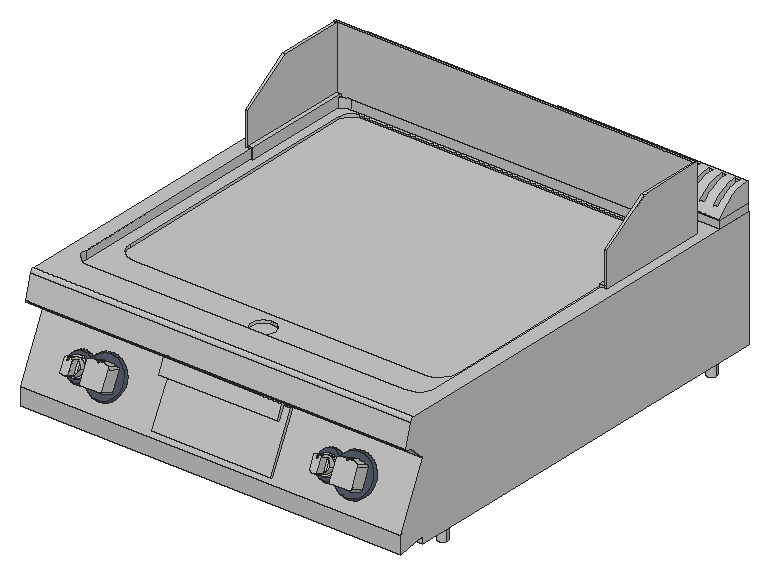
Revit family "QF_ZANUSSI_392354_Z9IILAAOMCA", category Specialty Equipment, Revit 2018
Family settings
  Round Connector Dimension = Use Diameter
  Part Type = Normal
  Work Plane-Based = No
  Always vertical = Yes
  Cut with Voids When Loaded = No
  Shared = No
  Room Calculation Point = No
Parameters
  Width = 800 mm  # constant formula
  Weight in Pounds = 105  # constant formula
  Weight = 0.00 kg
  Watts = 0 W
  Volts = 0 V
  URL Manufacturer = "http://www.zanussiprofessional.com"
  URL Cutsheet = "www.electrolux.com/foodservice"
  URL = "http://www.zanussiprofessional.com"
  Type Mark [instance] = ""
  Steam Supply Size = 0"
  Steam Supply Minimum Pressure = 0.00 psi
  Steam Supply Maximum Pressure = 0.00 psi
  Steam Pounds per Hour = 0
  Status [instance] = ""
  Specification by User [instance] = ""
  Specification by Manufacturer = ""
  Show Logo [instance] = yes
  Show Clearance [instance] = yes
  Serial Number = ""
  Seismic Rating = ""
  SMACNA No = ""
  Revision Code [instance] = ""
  Refrigeration Suction Line Size = 0"
  Refrigeration Liquid Line Size = 0"
  Refrigerant Compressor Remote = yes
  Phase = 0
  Omniclass Number and Title = ""
  NAFEM Spec ID Number = ""
  Model = "Z9FTGHHS00"
  Mechanical Remarks [instance] = ""
  Mechanical Connection Type [instance] = ""
  Masterspec = ""
  Manufacturer = "Zanussi"
  Length Actual = 800 mm  # constant formula
  Item Number [instance] = "392050"
  Installed By [instance] = ""
  Identify Quantity as Lot [instance] = yes
  Hot Water Size = 0"
  Height Actual = 250 mm  # constant formula
  Height = 410 mm  # constant formula
  HP = "0 HP"
  Gas Size = 1/2"
  Gas RI Height [instance] = 0 mm
  Gas KW [instance] = 20
  Gas Input [instance] = 0.672036 Btu/h
  Gas Connection Height = 0 mm
  Furnished By [instance] = ""
  Foodservice Equipment Identifier [instance] = yes
  Direct Waste Size = 0"
  Description = "GAS FRYTOP SMOOTH HORIZONTAL PLATE 800MM"
  Depth Actual = 900 mm  # constant formula
  Depth = 915 mm  # constant formula
  Cycle = 0 Hz
  Condensate Return Size = 0"
  Compressed Air Volume = 0 GPM
  Compressed Air Size = 0"
  Compressed Air Pressure = 0.00 psi
  Cold Water Size = 0"
  CSI MasterFormat = ""
  CSI Master Format = ""
  Base Height [instance] = 24 mm  # constant formula
  Accessory = yes
Reference planes
  plane 1 "BACK": y = 0
  plane 2: z = 0
  plane 3 "LEFT": x = 0
  plane 4 "RIGHT": x = 800
  plane 5 "FRONT": y = -915
  plane 6 "TOP": z = 410
  plane 7 "Center Y": x = 400
  plane 8 "Center X": y = -457.5
  plane 9 "BASE": z = 24
  plane 10: y = -790
  plane 11: y = -82
  plane 12: x = 348
  plane 13: y = -1045
  plane 14: z = 274
  plane 15: y = -664
  plane 16: y = -346.873
  plane 17: y = -900
  plane 18: through (-6096, -854.982, 185.364) normal (0, -0.8956, 0.4448)
Forms (mm)
  Extrusion 1, solid, material "QF_Clearances", visible <- "Show Clearance", detail levels coarse
    sketch origin (0, 0, 0) x (1, 0, 0) y (0, 1, 0)
      loop
        line (0, -915) -> (0, 0) -> (800.05, 0) -> (800.05, -915) -> (900.069, -915) -> (900.069, 100.019) -> (-100.019, 100.019) -> (-100.019, -915) -> (0, -915)
    from 0 to 410
  Extrusion 2, solid, material "QF_Finishes_Stainless Steel"
    sketch origin (0, 0, 0) x (0, 1, 0) y (0, 0, 1)
      loop
        line (0, 24) -> (0, 274) -> (-879.358, 274)
        arc (-879.358, 274) -> (-884.643, 271.811) -> (-886.833, 266.526) r 7.474
        line (-886.833, 266.526) -> (-899.884, 221.011)
        arc (-899.884, 221.011) -> (-899.396, 218.379) -> (-897, 217.184) r 3
        line (-897, 217.184) -> (-886.802, 217.184) -> (-854.982, 185.364) -> (-915, 64.508) -> (-915, 29.508) -> (-858.645, 37.428)
        arc (-858.645, 37.428) -> (-856.101, 36.674) -> (-855, 34.259) r 3.2
        line (-855, 34.259) -> (-855, 24) -> (0, 24)
    from 0 to 800
  Extrusion 3, void
    sketch origin (0, -202.381, 275.4) x (-1, 0, 0) y (0, -1, 0)
      loop
        arc (-55.4, -88.381) -> (-37.439, -80.942) -> (-30, -62.981) r 25.4
        line (-30, -62.981) -> (-30, 578.98)
        arc (-30, 578.98) -> (-40.99, 605.513) -> (-67.523, 616.504) r 37.523
        line (-67.523, 616.504) -> (-732.477, 616.504)
        arc (-732.477, 616.504) -> (-759.01, 605.513) -> (-770, 578.98) r 37.523
        line (-770, 578.98) -> (-770, -62.981)
        arc (-770, -62.981) -> (-762.561, -80.942) -> (-744.6, -88.381) r 25.4
        line (-744.6, -88.381) -> (-55.4, -88.381)
    from 0 to -20
  Extrusion 4, solid, material "QF_Finishes_Stainless Steel"
    sketch origin (0, -200, 0) x (1, 0, 0) y (0, 1, 0)
      loop
        circle (11.112, 118) r 9.525
      loop
        circle (11.112, -590) r 9.525
      loop
        circle (788.887, 118) r 9.525
      loop
        circle (788.888, -590) r 9.525
    from 0 to 24
  Extrusion 5, solid, material "QF_Finishes_Stainless Steel"
    sketch origin (0, 0, 24) x (-1, 0, 0) y (0, 1, 0)
      loop
        circle (-748, -664) r 6.4
    from 0 to 18
  Extrusion 6, solid, material "QF_Finishes_Stainless Steel"
    sketch origin (0, 0, 0) x (0, -1, 0) y (0, 0, 1)
      loop
        line (74.012, 274) -> (74.012, 289) -> (0, 289) -> (0, 274) -> (74.012, 274)
    from 0 to -400.05
  Extrusion 7, solid, material "QF_Finishes_Stainless Steel"
    sketch origin (0, 0, 0) x (0, 1, 0) y (0, 0, 1)
      loop
        line (0, 289) -> (0, 331.913)
        arc (0, 331.913) -> (-42.275, 321.697) -> (-74.012, 291.959) r 85.267
        line (-74.012, 291.959) -> (-74.012, 289) -> (0, 289)
    from 0 to 400
  Extrusion 8, void
    sketch origin (0, 0, 273.238) x (-1, 0, 0) y (0, -1, 0)
      loop
        line (-13.453, 6.761) -> (-13.453, 62.911) -> (-22.749, 62.911) -> (-22.749, 6.761) -> (-13.453, 6.761)
    from 25.4 to 63.5
  Extrusion 9, void
    sketch origin (400.05, 0, 273.238) x (1, 0, 0) y (0, 1, 0)
      loop
        line (-13.503, -6.761) -> (-22.799, -6.761) -> (-22.799, -62.911) -> (-13.503, -62.911) -> (-13.503, -6.761)
    from 25.4 to 63.5
  Extrusion 10, void
    sketch origin (27.988, 0, 273.238) x (-1, 0, 0) y (0, -1, 0)
      loop
        line (-13.453, 6.761) -> (-13.453, 62.911) -> (-22.749, 62.911) -> (-22.749, 6.761) -> (-13.453, 6.761)
    from 25.4 to 63.5
  Extrusion 11, void
    sketch origin (55.977, 0, 273.238) x (-1, 0, 0) y (0, -1, 0)
      loop
        line (-13.453, 6.761) -> (-13.453, 62.911) -> (-22.749, 62.911) -> (-22.749, 6.761) -> (-13.453, 6.761)
    from 25.4 to 63.5
  Extrusion 12, void
    sketch origin (83.965, 0, 273.238) x (-1, 0, 0) y (0, -1, 0)
      loop
        line (-13.428, 6.761) -> (-13.428, 62.911) -> (-22.724, 62.911) -> (-22.724, 6.761) -> (-13.428, 6.761)
    from 25.4 to 63.5
  Extrusion 13, void
    sketch origin (111.953, 0, 273.238) x (-1, 0, 0) y (0, -1, 0)
      loop
        line (-13.428, 6.761) -> (-13.428, 62.911) -> (-22.724, 62.911) -> (-22.724, 6.761) -> (-13.428, 6.761)
    from 25.4 to 63.5
  Extrusion 14, void
    sketch origin (139.942, 0, 273.238) x (-1, 0, 0) y (0, -1, 0)
      loop
        line (-13.428, 6.761) -> (-13.428, 62.911) -> (-22.724, 62.911) -> (-22.724, 6.761) -> (-13.428, 6.761)
    from 25.4 to 63.5
  Extrusion 15, void
    sketch origin (167.93, 0, 273.238) x (-1, 0, 0) y (0, -1, 0)
      loop
        line (-13.428, 6.761) -> (-13.428, 62.911) -> (-22.724, 62.911) -> (-22.724, 6.761) -> (-13.428, 6.761)
    from 25.4 to 63.5
  Extrusion 16, void
    sketch origin (307.872, 0, 273.238) x (-1, 0, 0) y (0, -1, 0)
      loop
        line (-13.403, 6.761) -> (-13.403, 62.911) -> (-22.699, 62.911) -> (-22.699, 6.761) -> (-13.403, 6.761)
    from 25.4 to 63.5
  Extrusion 17, void
    sketch origin (335.86, 0, 273.238) x (-1, 0, 0) y (0, -1, 0)
      loop
        line (-13.403, 6.761) -> (-13.403, 62.911) -> (-22.699, 62.911) -> (-22.699, 6.761) -> (-13.403, 6.761)
    from 25.4 to 63.5
  Extrusion 18, void
    sketch origin (228.013, 0, 273.238) x (-1, 0, 0) y (0, -1, 0)
      loop
        line (-13.428, 6.761) -> (-13.428, 62.911) -> (-22.724, 62.911) -> (-22.724, 6.761) -> (-13.428, 6.761)
    from 25.4 to 63.5
  Extrusion 19, void
    sketch origin (256.002, 0, 273.238) x (-1, 0, 0) y (0, -1, 0)
      loop
        line (-13.428, 6.761) -> (-13.428, 62.911) -> (-22.724, 62.911) -> (-22.724, 6.761) -> (-13.428, 6.761)
    from 25.4 to 63.5
  Extrusion 20, void
    sketch origin (283.99, 0, 273.238) x (-1, 0, 0) y (0, -1, 0)
      loop
        line (-13.403, 6.761) -> (-13.403, 62.911) -> (-22.699, 62.911) -> (-22.699, 6.761) -> (-13.403, 6.761)
    from 25.4 to 63.5
  Extrusion 21, void
    sketch origin (200.025, 0, 273.238) x (-1, 0, 0) y (0, -1, 0)
      loop
        line (-13.428, 6.761) -> (-13.428, 62.911) -> (-22.724, 62.911) -> (-22.724, 6.761) -> (-13.428, 6.761)
    from 25.4 to 63.5
  Extrusion 22, void
    sketch origin (0, -202.381, 255.4) x (0, -1, 0) y (-1, 0, 0)
      loop
        arc (-57.619, -55) -> (-75.579, -62.439) -> (-83.019, -80.4) r 25.4
        line (-83.019, -80.4) -> (-83.019, -719.6)
        arc (-83.019, -719.6) -> (-75.579, -737.561) -> (-57.619, -745) r 25.4
        line (-57.619, -745) -> (493.98, -745)
        arc (493.98, -745) -> (520.513, -734.01) -> (531.504, -707.477) r 37.523
        line (531.504, -707.477) -> (531.504, -92.523)
        arc (531.504, -92.523) -> (520.513, -65.99) -> (493.98, -55) r 37.523
        line (493.98, -55) -> (-57.619, -55)
      loop
        circle (572.619, -400) r 25
    from 0 to 5
  Extrusion 23, void
    sketch origin (785, 0, 275) x (0, 0, -1) y (0, -1, 0)
      loop
        line (-70, 346.873) -> (-135, 346.873) -> (-135, 246.781) -> (-70, 346.873)
    from 0 to 12.7
  Extrusion 24, void
    sketch origin (25, 0, 292.959) x (0, 0, -1) y (0, -1, 0)
      loop
        line (-52.041, 346.873) -> (-117.041, 346.873) -> (-117.041, 246.781) -> (-52.041, 346.873)
    from 0 to 12.7
  Extrusion 25, solid, material "QF_Finishes_Stainless Steel"
    sketch origin (0, -110, 275) x (0, 0, -1) y (-1, 0, 0)
      loop
        line (-135, -20) -> (-135, -780) -> (1, -780) -> (1, -20) -> (-135, -20)
    from 0 to -5
  Extrusion 26, solid, material "QF_Finishes_Stainless Steel"
    sketch origin (800, 0, 0) x (0, -1, 0) y (0, 0, -1)
      loop
        line (74.012, -274) -> (0, -274) -> (0, -289) -> (74.012, -289) -> (74.012, -274)
    from 0 to -400.05
  Extrusion 27, solid, material "QF_Finishes_Stainless Steel"
    sketch origin (800, 0, 0) x (0, 1, 0) y (0, 0, -1)
      loop
        line (0, -289) -> (-74.012, -289) -> (-74.012, -291.959)
        arc (-74.012, -291.959) -> (-42.486, -322.301) -> (0, -332.762) r 84.334
        line (0, -332.762) -> (0, -289)
    from 0 to 400
  Extrusion 28, void
    sketch origin (800, 0, 273.238) x (1, 0, 0) y (0, 1, 0)
      loop
        line (-13.453, -6.761) -> (-22.749, -6.761) -> (-22.749, -62.911) -> (-13.453, -62.911) -> (-13.453, -6.761)
    from 25.4 to 63.5
  Extrusion 29, void
    sketch origin (399.95, 0, 273.238) x (-1, 0, 0) y (0, -1, 0)
      loop
        line (-13.503, 6.761) -> (-13.503, 62.911) -> (-22.799, 62.911) -> (-22.799, 6.761) -> (-13.503, 6.761)
    from 25.4 to 63.5
  Extrusion 30, void
    sketch origin (772.012, 0, 273.238) x (1, 0, 0) y (0, 1, 0)
      loop
        line (-13.453, -6.761) -> (-22.749, -6.761) -> (-22.749, -62.911) -> (-13.453, -62.911) -> (-13.453, -6.761)
    from 25.4 to 63.5
  Extrusion 31, void
    sketch origin (744.023, 0, 273.238) x (1, 0, 0) y (0, 1, 0)
      loop
        line (-13.453, -6.761) -> (-22.749, -6.761) -> (-22.749, -62.911) -> (-13.453, -62.911) -> (-13.453, -6.761)
    from 25.4 to 63.5
  Extrusion 32, void
    sketch origin (716.035, 0, 273.238) x (1, 0, 0) y (0, 1, 0)
      loop
        line (-13.428, -6.761) -> (-22.724, -6.761) -> (-22.724, -62.911) -> (-13.428, -62.911) -> (-13.428, -6.761)
    from 25.4 to 63.5
  Extrusion 33, void
    sketch origin (688.047, 0, 273.238) x (1, 0, 0) y (0, 1, 0)
      loop
        line (-13.428, -6.761) -> (-22.724, -6.761) -> (-22.724, -62.911) -> (-13.428, -62.911) -> (-13.428, -6.761)
    from 25.4 to 63.5
  Extrusion 34, void
    sketch origin (660.058, 0, 273.238) x (1, 0, 0) y (0, 1, 0)
      loop
        line (-13.428, -6.761) -> (-22.724, -6.761) -> (-22.724, -62.911) -> (-13.428, -62.911) -> (-13.428, -6.761)
    from 25.4 to 63.5
  Extrusion 35, void
    sketch origin (632.07, 0, 273.238) x (1, 0, 0) y (0, 1, 0)
      loop
        line (-13.428, -6.761) -> (-22.724, -6.761) -> (-22.724, -62.911) -> (-13.428, -62.911) -> (-13.428, -6.761)
    from 25.4 to 63.5
  Extrusion 36, void
    sketch origin (492.128, 0, 273.238) x (1, 0, 0) y (0, 1, 0)
      loop
        line (-13.403, -6.761) -> (-22.699, -6.761) -> (-22.699, -62.911) -> (-13.403, -62.911) -> (-13.403, -6.761)
    from 25.4 to 63.5
  Extrusion 37, void
    sketch origin (464.14, 0, 273.238) x (1, 0, 0) y (0, 1, 0)
      loop
        line (-13.403, -6.761) -> (-22.699, -6.761) -> (-22.699, -62.911) -> (-13.403, -62.911) -> (-13.403, -6.761)
    from 25.4 to 63.5
  Extrusion 38, void
    sketch origin (571.987, 0, 273.238) x (1, 0, 0) y (0, 1, 0)
      loop
        line (-13.428, -6.761) -> (-22.724, -6.761) -> (-22.724, -62.911) -> (-13.428, -62.911) -> (-13.428, -6.761)
    from 25.4 to 63.5
  Extrusion 39, void
    sketch origin (543.998, 0, 273.238) x (1, 0, 0) y (0, 1, 0)
      loop
        line (-13.428, -6.761) -> (-22.724, -6.761) -> (-22.724, -62.911) -> (-13.428, -62.911) -> (-13.428, -6.761)
    from 25.4 to 63.5
  Extrusion 40, void
    sketch origin (516.01, 0, 273.238) x (1, 0, 0) y (0, 1, 0)
      loop
        line (-13.403, -6.761) -> (-22.699, -6.761) -> (-22.699, -62.911) -> (-13.403, -62.911) -> (-13.403, -6.761)
    from 25.4 to 63.5
  Extrusion 41, void
    sketch origin (599.975, 0, 273.238) x (1, 0, 0) y (0, 1, 0)
      loop
        line (-13.428, -6.761) -> (-22.724, -6.761) -> (-22.724, -62.911) -> (-13.428, -62.911) -> (-13.428, -6.761)
    from 25.4 to 63.5
  Extrusion 42, solid, material "QF_Finishes_Stainless Steel"
    sketch origin (0, 0, 274) x (0, 0, -1) y (-1, 0, 0)
      loop
        line (19.6, -30) -> (0, -30) -> (0, -20) -> (-135, -20) -> (-135, -25) -> (-5, -25) -> (-5, -35) -> (19.6, -35) -> (19.6, -30)
      loop
        line (19.6, -770) -> (19.6, -765) -> (-5, -765) -> (-5, -775) -> (-135, -775) -> (-135, -780) -> (0, -780) -> (0, -770) -> (19.6, -770)
    from -110 to -346.873
  Blend 43, solid, material "QF_Finishes_Navy Blue"
    base sketch origin (156.419, -884.991, 124.936) x (1, 0, 0) y (0, 0.444781, 0.895639)
      loop
        arc (-35.05, -24.037) -> (42.5, 0) -> (-35.05, 24.037) r 42.5
        arc (-35.05, 24.037) -> (-83, 0) -> (-35.05, -24.037) r 30
    top sketch origin (156.419, -884.991, 124.936) x (1, 0, 0) y (0, 0.444781, 0.895639)
      loop
        arc (-34.578, -21.086) -> (40.5, 0) -> (-34.578, 21.086) r 40.5
        arc (-34.578, 21.086) -> (-81, 0) -> (-34.578, -21.086) r 28
    from 0 to 5
  Extrusion 44, solid, material "QF_Finishes_Stainless Steel"
    sketch origin (-76.081, -884.991, 124.936) x (1, 0, 0) y (0, 0.444781, 0.895639)
      loop
        circle (177.499, -0.341) r 20
    from 5 to 10
  Extrusion 45, solid, material "QF_Finishes_Stainless Steel"
    sketch origin (-76.081, -884.991, 124.936) x (1, 0, 0) y (0, 0.444781, 0.895639)
      loop
        arc (211.353, 22.789) -> (210.006, 21.685) -> (209.5, 20.019) r 2.997
        line (209.5, 20.019) -> (209.5, -20.019)
        arc (209.5, -20.019) -> (210.378, -22.138) -> (212.497, -23.016) r 2.997
        line (212.497, -23.016) -> (252.503, -23.016)
        arc (252.503, -23.016) -> (254.622, -22.138) -> (255.5, -20.019) r 2.997
        line (255.5, -20.019) -> (255.5, 20.019)
        arc (255.5, 20.019) -> (254.994, 21.685) -> (253.647, 22.789) r 2.997
        arc (253.647, 22.789) -> (232.5, 26.984) -> (211.353, 22.789) r 55.4
    from 5 to 34
  Extrusion 46, solid, material "QF_Finishes_Stainless Steel"
    sketch origin (-76.081, -884.991, 124.936) x (1, 0, 0) y (0, 0.444781, 0.895639)
      loop
        circle (177.499, -0.341) r 16
    from 10 to 40
  Extrusion 47, void
    sketch origin (156.419, -884.991, 124.936) x (1, 0, 0) y (0, -0.895639, 0.444781)
      loop
        line (-62.999, 24.837) -> (-62.999, 40) -> (-71.893, 40) -> (-71.893, 22) -> (-65.835, 22)
        arc (-65.835, 22) -> (-63.827, 22.828) -> (-62.999, 24.837) r 2.827
      loop
        arc (-47.003, 24.837) -> (-46.175, 22.828) -> (-44.167, 22) r 2.827
        line (-44.167, 22) -> (-38.109, 22) -> (-38.109, 40) -> (-47.003, 40) -> (-47.003, 24.837)
    from -20.019 to 20.019
  Extrusion 48, solid, material "QF_Plastic-Black-Matte"
    sketch origin (213.919, -884.991, 124.936) x (0, 0.444781, 0.895639) y (0, -0.895639, 0.444781)
      loop
        line (26.984, 34) -> (26.984, 19) -> (27.984, 19) -> (27.984, 34)
        arc (27.984, 34) -> (27.691, 34.707) -> (26.984, 35) r 1
        line (26.984, 35) -> (23.984, 35) -> (23.984, 34) -> (26.984, 34)
    from -58.5 to -56.5
  Extrusion 49, solid, material "QF_Plastic-Black-Matte"
    sketch origin (101.418, -1018.425, -143.756) x (0, -0.444781, -0.895639) y (0, -0.895639, 0.444781)
      loop
        line (-310.284, 39.984) -> (-310.284, 40.984) -> (-312.9, 40.984)
        arc (-312.9, 40.984) -> (-315.562, 39.882) -> (-316.664, 37.22) r 3.764
        line (-316.664, 37.22) -> (-316.664, 25.027) -> (-315.664, 25.027) -> (-315.664, 37.22)
        arc (-315.664, 37.22) -> (-314.855, 39.175) -> (-312.9, 39.984) r 2.764
        line (-312.9, 39.984) -> (-310.284, 39.984)
    from 1 to -1
  Extrusion 50, solid, material "QF_Finishes_Stainless Steel"
    sketch origin (335, -214.132, -0.464) x (0, 1, 0) y (0, 0, 1)
      loop
        line (-640.85, 185.828) -> (-659.988, 204.966)
        arc (-659.988, 204.966) -> (-664.455, 206.368) -> (-668.159, 203.504) r 5.058
        line (-668.159, 203.504) -> (-680.821, 175.994) -> (-677.937, 174.666) -> (-665.275, 202.176)
        arc (-665.275, 202.176) -> (-663.896, 203.243) -> (-662.233, 202.721) r 1.883
        line (-662.233, 202.721) -> (-644.727, 185.215) -> (-698.248, 77.444) -> (-695.339, 76.105) -> (-640.85, 185.828)
    from -60 to 190
  Extrusion 51, solid, material "QF_Finishes_Drawer Clearance", visible <- "Show Clearance", detail levels coarse
    sketch origin (335, -315.732, -0.464) x (0, 1, 0) y (0, 0, 1)
      loop
        line (-726.181, 76.105) -> (-593.739, 76.105) -> (-539.25, 185.828) -> (-558.388, 204.966)
        arc (-558.388, 204.966) -> (-560.449, 206.215) -> (-562.855, 206.368) r 5.058
        line (-562.855, 206.368) -> (-695.296, 206.368)
        arc (-695.296, 206.368) -> (-697.5, 205.39) -> (-699, 203.504) r 5.058
        line (-699, 203.504) -> (-711.662, 175.994) -> (-708.778, 174.666) -> (-696.116, 202.176)
        arc (-696.116, 202.176) -> (-694.737, 203.243) -> (-693.074, 202.721) r 1.883
        line (-693.074, 202.721) -> (-675.569, 185.215) -> (-729.089, 77.444) -> (-726.181, 76.105)
    from -65 to 195
  Blend 52, solid, material "QF_Finishes_Navy Blue"
    base sketch origin (681.419, -884.991, 124.936) x (1, 0, 0) y (0, 0.444781, 0.895639)
      loop
        arc (-35.05, -24.037) -> (42.5, 0) -> (-35.05, 24.037) r 42.5
        arc (-35.05, 24.037) -> (-83, 0) -> (-35.05, -24.037) r 30
    top sketch origin (681.419, -884.991, 124.936) x (1, 0, 0) y (0, 0.444781, 0.895639)
      loop
        arc (-34.578, -21.086) -> (40.5, 0) -> (-34.578, 21.086) r 40.5
        arc (-34.578, 21.086) -> (-81, 0) -> (-34.578, -21.086) r 28
    from 0 to 5
  Extrusion 53, solid, material "QF_Finishes_Stainless Steel"
    sketch origin (448.919, -884.991, 124.936) x (1, 0, 0) y (0, 0.444781, 0.895639)
      loop
        circle (177.499, -0.341) r 20
    from 5 to 10
  Extrusion 54, solid, material "QF_Finishes_Stainless Steel"
    sketch origin (448.919, -884.991, 124.936) x (1, 0, 0) y (0, 0.444781, 0.895639)
      loop
        arc (211.353, 22.789) -> (210.006, 21.685) -> (209.5, 20.019) r 2.997
        line (209.5, 20.019) -> (209.5, -20.019)
        arc (209.5, -20.019) -> (210.378, -22.138) -> (212.497, -23.016) r 2.997
        line (212.497, -23.016) -> (252.503, -23.016)
        arc (252.503, -23.016) -> (254.622, -22.138) -> (255.5, -20.019) r 2.997
        line (255.5, -20.019) -> (255.5, 20.019)
        arc (255.5, 20.019) -> (254.994, 21.685) -> (253.647, 22.789) r 2.997
        arc (253.647, 22.789) -> (232.5, 26.984) -> (211.353, 22.789) r 55.4
    from 5 to 34
  Extrusion 55, solid, material "QF_Finishes_Stainless Steel"
    sketch origin (448.919, -884.991, 124.936) x (1, 0, 0) y (0, 0.444781, 0.895639)
      loop
        circle (177.499, -0.341) r 16
    from 10 to 40
  Extrusion 56, void
    sketch origin (681.419, -884.991, 124.936) x (1, 0, 0) y (0, -0.895639, 0.444781)
      loop
        line (-62.999, 24.837) -> (-62.999, 40) -> (-71.893, 40) -> (-71.893, 22) -> (-65.835, 22)
        arc (-65.835, 22) -> (-63.827, 22.828) -> (-62.999, 24.837) r 2.827
      loop
        arc (-47.003, 24.837) -> (-46.175, 22.828) -> (-44.167, 22) r 2.827
        line (-44.167, 22) -> (-38.109, 22) -> (-38.109, 40) -> (-47.003, 40) -> (-47.003, 24.837)
    from -20.019 to 20.019
  Extrusion 57, solid, material "QF_Plastic-Black-Matte"
    sketch origin (738.919, -884.991, 124.936) x (0, 0.444781, 0.895639) y (0, -0.895639, 0.444781)
      loop
        line (26.984, 34) -> (26.984, 19) -> (27.984, 19) -> (27.984, 34)
        arc (27.984, 34) -> (27.691, 34.707) -> (26.984, 35) r 1
        line (26.984, 35) -> (23.984, 35) -> (23.984, 34) -> (26.984, 34)
    from -58.5 to -56.5
  Extrusion 58, solid, material "QF_Plastic-Black-Matte"
    sketch origin (626.418, -1018.425, -143.756) x (0, -0.444781, -0.895639) y (0, -0.895639, 0.444781)
      loop
        line (-310.284, 39.984) -> (-310.284, 40.984) -> (-312.9, 40.984)
        arc (-312.9, 40.984) -> (-315.562, 39.882) -> (-316.664, 37.22) r 3.764
        line (-316.664, 37.22) -> (-316.664, 25.027) -> (-315.664, 25.027) -> (-315.664, 37.22)
        arc (-315.664, 37.22) -> (-314.855, 39.175) -> (-312.9, 39.984) r 2.764
        line (-312.9, 39.984) -> (-310.284, 39.984)
    from 1 to -1
Cuts and joins
  Extrusion 3, Extrusion 22 cuts Extrusion 2
  Extrusion 3 cuts Extrusion 25
  Extrusion 23, Extrusion 24 cuts Extrusion 42
  joined: Extrusion 2, Extrusion 25, Extrusion 42
  Extrusion 8, Extrusion 9, Extrusion 10, Extrusion 11, Extrusion 12, Extrusion 13, Extrusion 14, Extrusion 15, Extrusion 16, Extrusion 17, Extrusion 18, Extrusion 19, Extrusion 20, Extrusion 21, Extrusion 28, Extrusion 29, Extrusion 30, Extrusion 31, Extrusion 32, Extrusion 33, Extrusion 34, Extrusion 35, Extrusion 36, Extrusion 37, Extrusion 38, Extrusion 39, Extrusion 40, Extrusion 41 cuts Extrusion 7
  Extrusion 28, Extrusion 29, Extrusion 30, Extrusion 31, Extrusion 32, Extrusion 33, Extrusion 34, Extrusion 35, Extrusion 36, Extrusion 37, Extrusion 38, Extrusion 39, Extrusion 40, Extrusion 41 cuts Extrusion 27
  Extrusion 47, Extrusion 56 cuts Extrusion 46
  Extrusion 56 cuts Extrusion 55
Lines and regions (mm)
  Split face 1
    outline origin (156.419, -889.469, 127.16) x (1, 0, 0) y (0, 0.444781, 0.895639)
      loop
        circle (0, 33) r 1
  Split face 2
    outline origin (156.419, -889.469, 127.16) x (1, 0, 0) y (0, 0.444781, 0.895639)
      loop
        circle (-8.541, 31.876) r 1
  Split face 3
    outline origin (156.419, -889.469, 127.16) x (1, 0, 0) y (0, 0.444781, 0.895639)
      loop
        circle (-16.5, 28.579) r 1
  Split face 4
    outline origin (156.419, -889.469, 127.16) x (1, 0, 0) y (0, 0.444781, 0.895639)
      loop
        circle (-23.335, 23.335) r 1
  Split face 5
    outline origin (156.419, -889.469, 127.16) x (1, 0, 0) y (0, 0.444781, 0.895639)
      loop
        circle (-28.579, 16.5) r 1
  Split face 6
    outline origin (156.419, -889.469, 127.16) x (1, 0, 0) y (0, 0.444781, 0.895639)
      loop
        circle (-31.876, 8.541) r 1
  Split face 7
    outline origin (156.419, -889.469, 127.16) x (1, 0, 0) y (0, 0.444781, 0.895639)
      loop
        circle (-33, 0) r 1
  Split face 8
    outline origin (156.419, -889.469, 127.16) x (-1, 0, 0) y (0, 0.444781, 0.895639)
      loop
        circle (31.876, -8.541) r 1
  Split face 9
    outline origin (156.419, -889.469, 127.16) x (-1, 0, 0) y (0, 0.444781, 0.895639)
      loop
        circle (28.579, -16.5) r 1
  Split face 10
    outline origin (156.419, -889.469, 127.16) x (-1, 0, 0) y (0, 0.444781, 0.895639)
      loop
        circle (23.335, -23.335) r 1
  Split face 11
    outline origin (156.419, -889.469, 127.16) x (-1, 0, 0) y (0, 0.444781, 0.895639)
      loop
        circle (16.5, -28.579) r 1
  Split face 12
    outline origin (156.419, -889.469, 127.16) x (-1, 0, 0) y (0, 0.444781, 0.895639)
      loop
        circle (8.541, -31.876) r 1
  Split face 13
    outline origin (156.419, -889.469, 127.16) x (1, 0, 0) y (0, -0.444781, -0.895639)
      loop
        circle (33, 0) r 1
  Split face 14
    outline origin (156.419, -889.469, 127.16) x (1, 0, 0) y (0, -0.444781, -0.895639)
      loop
        circle (31.876, -8.541) r 1
  Split face 15
    outline origin (156.419, -889.469, 127.16) x (1, 0, 0) y (0, -0.444781, -0.895639)
      loop
        circle (28.579, -16.5) r 1
  Split face 16
    outline origin (156.419, -889.469, 127.16) x (1, 0, 0) y (0, -0.444781, -0.895639)
      loop
        circle (23.335, -23.335) r 1
  Split face 17
    outline origin (156.419, -889.469, 127.16) x (1, 0, 0) y (0, -0.444781, -0.895639)
      loop
        circle (16.5, -28.579) r 1
  Split face 18
    outline origin (156.419, -889.469, 127.16) x (1, 0, 0) y (0, -0.444781, -0.895639)
      loop
        circle (8.541, -31.876) r 1
  Split face 19
    outline origin (156.419, -889.469, 127.16) x (-1, 0, 0) y (0, -0.444781, -0.895639)
      loop
        circle (-8.541, 31.876) r 1
  Split face 20
    outline origin (156.419, -889.469, 127.16) x (-1, 0, 0) y (0, -0.444781, -0.895639)
      loop
        circle (-16.5, 28.579) r 1
  Split face 21
    outline origin (156.419, -889.469, 127.16) x (-1, 0, 0) y (0, -0.444781, -0.895639)
      loop
        circle (-23.335, 23.335) r 1
  Split face 22
    outline origin (156.419, -889.469, 127.16) x (-1, 0, 0) y (0, -0.444781, -0.895639)
      loop
        circle (-28.579, 16.5) r 1
  Split face 23
    outline origin (156.419, -889.469, 127.16) x (-1, 0, 0) y (0, -0.444781, -0.895639)
      loop
        circle (-31.876, 8.541) r 1
  Split face 24
    outline origin (156.419, -889.469, 127.16) x (1, 0, 0) y (0, 0.444781, 0.895639)
      loop
        circle (-55.001, 22) r 1.508
  Split face 25
    outline origin (157.545, -885.216, 135.725) x (1, 0, 0) y (0, 0.444781, 0.895639)
      loop
        circle (-77.001, 0) r 1.343
  Split face 26
    outline origin (156.419, -889.469, 127.16) x (1, 0, 0) y (0, 0.444781, 0.895639)
      loop
        line (-56.273, -20.786) -> (-56.273, -25.164) -> (-53.729, -25.164) -> (-53.729, -20.786) -> (-56.273, -20.786)
  Split face 27
    outline origin (156.419, -889.469, 127.16) x (1, 0, 0) y (0, 0.444781, 0.895639)
      loop
        line (-70.261, 16.732) -> (-67.433, 19.559) -> (-71.077, 17.548) -> (-70.261, 16.732)
  Split face 28
    outline origin (156.419, -889.469, 127.16) x (1, 0, 0) y (0, 0.444781, 0.895639)
      loop
        circle (0, -33) r 1
  Split face 29
    outline origin (681.419, -889.469, 127.16) x (1, 0, 0) y (0, 0.444781, 0.895639)
      loop
        circle (0, 33) r 1
  Split face 30
    outline origin (681.419, -889.469, 127.16) x (1, 0, 0) y (0, 0.444781, 0.895639)
      loop
        circle (-8.541, 31.876) r 1
  Split face 31
    outline origin (681.419, -889.469, 127.16) x (1, 0, 0) y (0, 0.444781, 0.895639)
      loop
        circle (-16.5, 28.579) r 1
  Split face 32
    outline origin (681.419, -889.469, 127.16) x (1, 0, 0) y (0, 0.444781, 0.895639)
      loop
        circle (-23.335, 23.335) r 1
  Split face 33
    outline origin (681.419, -889.469, 127.16) x (1, 0, 0) y (0, 0.444781, 0.895639)
      loop
        circle (-28.579, 16.5) r 1
  Split face 34
    outline origin (681.419, -889.469, 127.16) x (1, 0, 0) y (0, 0.444781, 0.895639)
      loop
        circle (-31.876, 8.541) r 1
  Split face 35
    outline origin (681.419, -889.469, 127.16) x (1, 0, 0) y (0, 0.444781, 0.895639)
      loop
        circle (-33, 0) r 1
  Split face 36
    outline origin (681.419, -889.469, 127.16) x (-1, 0, 0) y (0, 0.444781, 0.895639)
      loop
        circle (31.876, -8.541) r 1
  Split face 37
    outline origin (681.419, -889.469, 127.16) x (-1, 0, 0) y (0, 0.444781, 0.895639)
      loop
        circle (28.579, -16.5) r 1
  Split face 38
    outline origin (681.419, -889.469, 127.16) x (-1, 0, 0) y (0, 0.444781, 0.895639)
      loop
        circle (23.335, -23.335) r 1
  Split face 39
    outline origin (681.419, -889.469, 127.16) x (-1, 0, 0) y (0, 0.444781, 0.895639)
      loop
        circle (16.5, -28.579) r 1
  Split face 40
    outline origin (681.419, -889.469, 127.16) x (-1, 0, 0) y (0, 0.444781, 0.895639)
      loop
        circle (8.541, -31.876) r 1
  Split face 41
    outline origin (681.419, -889.469, 127.16) x (1, 0, 0) y (0, -0.444781, -0.895639)
      loop
        circle (33, 0) r 1
  Split face 42
    outline origin (681.419, -889.469, 127.16) x (1, 0, 0) y (0, -0.444781, -0.895639)
      loop
        circle (31.876, -8.541) r 1
  Split face 43
    outline origin (681.419, -889.469, 127.16) x (1, 0, 0) y (0, -0.444781, -0.895639)
      loop
        circle (28.579, -16.5) r 1
  Split face 44
    outline origin (681.419, -889.469, 127.16) x (1, 0, 0) y (0, -0.444781, -0.895639)
      loop
        circle (23.335, -23.335) r 1
  Split face 45
    outline origin (681.419, -889.469, 127.16) x (1, 0, 0) y (0, -0.444781, -0.895639)
      loop
        circle (16.5, -28.579) r 1
  Split face 46
    outline origin (681.419, -889.469, 127.16) x (1, 0, 0) y (0, -0.444781, -0.895639)
      loop
        circle (8.541, -31.876) r 1
  Split face 47
    outline origin (681.419, -889.469, 127.16) x (-1, 0, 0) y (0, -0.444781, -0.895639)
      loop
        circle (-8.541, 31.876) r 1
  Split face 48
    outline origin (681.419, -889.469, 127.16) x (-1, 0, 0) y (0, -0.444781, -0.895639)
      loop
        circle (-16.5, 28.579) r 1
  Split face 49
    outline origin (681.419, -889.469, 127.16) x (-1, 0, 0) y (0, -0.444781, -0.895639)
      loop
        circle (-23.335, 23.335) r 1
  Split face 50
    outline origin (681.419, -889.469, 127.16) x (-1, 0, 0) y (0, -0.444781, -0.895639)
      loop
        circle (-28.579, 16.5) r 1
  Split face 51
    outline origin (681.419, -889.469, 127.16) x (-1, 0, 0) y (0, -0.444781, -0.895639)
      loop
        circle (-31.876, 8.541) r 1
  Split face 52
    outline origin (681.419, -889.469, 127.16) x (1, 0, 0) y (0, 0.444781, 0.895639)
      loop
        circle (-55.001, 22) r 1.508
  Split face 53
    outline origin (682.545, -885.216, 135.725) x (1, 0, 0) y (0, 0.444781, 0.895639)
      loop
        circle (-77.001, 0) r 1.343
  Split face 54
    outline origin (681.419, -889.469, 127.16) x (1, 0, 0) y (0, 0.444781, 0.895639)
      loop
        line (-56.273, -20.786) -> (-56.273, -25.164) -> (-53.729, -25.164) -> (-53.729, -20.786) -> (-56.273, -20.786)
  Split face 55
    outline origin (681.419, -889.469, 127.16) x (1, 0, 0) y (0, 0.444781, 0.895639)
      loop
        line (-70.261, 16.732) -> (-67.433, 19.559) -> (-71.077, 17.548) -> (-70.261, 16.732)
  Split face 56
    outline origin (681.419, -889.469, 127.16) x (1, 0, 0) y (0, 0.444781, 0.895639)
      loop
        circle (0, -33) r 1
  symbolic lines, style "QF_Clearances", visible <- "Show Clearance", detail levels coarse
    curve 1: line (-100.019, 100.019, 276.225) -> (-100.019, -915, 276.225)
    curve 2: line (900.069, 100.019, 276.225) -> (-100.019, 100.019, 276.225)
    curve 3: line (900.069, -915, 276.225) -> (900.069, 100.019, 276.225)
  symbolic lines
    curve 4: line (0, -74.012, 276.225) -> (800.05, -74.012, 276.225)
    curve 5: line (0, -915, 276.225) -> (0, 0, 276.225)
    curve 6: line (800.05, 0, 276.225) -> (800.05, -915, 276.225)
    curve 7: line (30, -346.873, 276.225) -> (30, -781.362, 276.225)
    curve 8: arc (30, -781.362, 276.225) -> (40.99, -807.895, 276.225) -> (67.523, -818.885, 276.225) r 37.523
    curve 9: arc (732.477, -818.885, 276.225) -> (759.01, -807.895, 276.225) -> (770, -781.362, 276.225) r 37.523
    curve 10: line (770, -781.362, 276.225) -> (770, -346.873, 276.225)
    curve 11: line (67.523, -818.885, 276.225) -> (732.477, -818.885, 276.225)
    curve 15: line (0, 0, 276.225) -> (800.05, 0, 276.225)
    curve 16: line (22.749, -6.761, 276.225) -> (22.749, -62.911, 276.225)
    curve 17: line (22.749, -62.911, 276.225) -> (13.453, -62.911, 276.225)
    curve 18: line (13.453, -62.911, 276.225) -> (13.453, -6.761, 276.225)
    curve 19: line (13.453, -6.761, 276.225) -> (22.749, -6.761, 276.225)
    curve 20: line (50.737, -6.761, 276.225) -> (50.737, -62.911, 276.225)
    curve 21: line (50.737, -62.911, 276.225) -> (41.441, -62.911, 276.225)
    curve 22: line (41.441, -62.911, 276.225) -> (41.441, -6.761, 276.225)
    curve 23: line (41.441, -6.761, 276.225) -> (50.737, -6.761, 276.225)
    curve 24: line (78.725, -6.761, 276.225) -> (78.725, -62.911, 276.225)
    curve 25: line (78.725, -62.911, 276.225) -> (69.43, -62.911, 276.225)
    curve 26: line (69.43, -62.911, 276.225) -> (69.43, -6.761, 276.225)
    curve 27: line (69.43, -6.761, 276.225) -> (78.725, -6.761, 276.225)
    curve 28: line (106.689, -6.761, 276.225) -> (106.689, -62.911, 276.225)
    curve 29: line (106.689, -62.911, 276.225) -> (97.393, -62.911, 276.225)
    curve 30: line (97.393, -62.911, 276.225) -> (97.393, -6.761, 276.225)
    curve 31: line (97.393, -6.761, 276.225) -> (106.689, -6.761, 276.225)
    curve 32: line (134.677, -6.761, 276.225) -> (134.677, -62.911, 276.225)
    curve 33: line (134.677, -62.911, 276.225) -> (125.381, -62.911, 276.225)
    curve 34: line (125.381, -62.911, 276.225) -> (125.381, -6.761, 276.225)
    curve 35: line (125.381, -6.761, 276.225) -> (134.677, -6.761, 276.225)
    curve 36: line (162.665, -6.761, 276.225) -> (162.665, -62.911, 276.225)
    curve 37: line (162.665, -62.911, 276.225) -> (153.37, -62.911, 276.225)
    curve 38: line (153.37, -62.911, 276.225) -> (153.37, -6.761, 276.225)
    curve 39: line (153.37, -6.761, 276.225) -> (162.665, -6.761, 276.225)
    curve 40: line (190.654, -6.761, 276.225) -> (190.654, -62.911, 276.225)
    curve 41: line (190.654, -62.911, 276.225) -> (181.358, -62.911, 276.225)
    curve 42: line (181.358, -62.911, 276.225) -> (181.358, -6.761, 276.225)
    curve 43: line (181.358, -6.761, 276.225) -> (190.654, -6.761, 276.225)
    curve 44: line (222.749, -6.761, 276.225) -> (222.749, -62.911, 276.225)
    curve 45: line (222.749, -62.911, 276.225) -> (213.453, -62.911, 276.225)
    curve 46: line (213.453, -62.911, 276.225) -> (213.453, -6.761, 276.225)
    curve 47: line (213.453, -6.761, 276.225) -> (222.749, -6.761, 276.225)
    curve 48: line (250.737, -6.761, 276.225) -> (250.737, -62.911, 276.225)
    curve 49: line (250.737, -62.911, 276.225) -> (241.441, -62.911, 276.225)
    curve 50: line (241.441, -62.911, 276.225) -> (241.441, -6.761, 276.225)
    curve 51: line (241.441, -6.761, 276.225) -> (250.737, -6.761, 276.225)
    curve 52: line (278.725, -6.761, 276.225) -> (278.725, -62.911, 276.225)
    curve 53: line (278.725, -62.911, 276.225) -> (269.43, -62.911, 276.225)
    curve 54: line (269.43, -62.911, 276.225) -> (269.43, -6.761, 276.225)
    curve 55: line (269.43, -6.761, 276.225) -> (278.725, -6.761, 276.225)
    curve 56: line (306.689, -6.761, 276.225) -> (306.689, -62.911, 276.225)
    curve 57: line (306.689, -62.911, 276.225) -> (297.393, -62.911, 276.225)
    curve 58: line (297.393, -62.911, 276.225) -> (297.393, -6.761, 276.225)
    curve 59: line (297.393, -6.761, 276.225) -> (306.689, -6.761, 276.225)
    curve 60: line (330.57, -6.761, 276.225) -> (330.57, -62.911, 276.225)
    curve 61: line (330.57, -62.911, 276.225) -> (321.275, -62.911, 276.225)
    curve 62: line (321.275, -62.911, 276.225) -> (321.275, -6.761, 276.225)
    curve 63: line (321.275, -6.761, 276.225) -> (330.57, -6.761, 276.225)
    curve 64: line (358.559, -6.761, 276.225) -> (358.559, -62.911, 276.225)
    curve 65: line (358.559, -62.911, 276.225) -> (349.263, -62.911, 276.225)
    curve 66: line (349.263, -62.911, 276.225) -> (349.263, -6.761, 276.225)
    curve 67: line (349.263, -6.761, 276.225) -> (358.559, -6.761, 276.225)
    curve 68: line (386.547, -6.761, 276.225) -> (386.547, -62.911, 276.225)
    curve 69: line (386.547, -62.911, 276.225) -> (377.251, -62.911, 276.225)
    curve 70: line (377.251, -62.911, 276.225) -> (377.251, -6.761, 276.225)
    curve 71: line (377.251, -6.761, 276.225) -> (386.547, -6.761, 276.225)
    curve 72: line (20, -109, 276.225) -> (20, -346.873, 276.225)
    curve 73: line (785, -109, 276.225) -> (20, -109, 276.225)
    curve 74: line (785, -346.873, 276.225) -> (785, -109, 276.225)
    curve 75: line (20, -346.873, 276.225) -> (35, -346.873, 276.225)
    curve 76: line (765, -346.873, 276.225) -> (785, -346.873, 276.225)
    curve 77: arc (55, -144.762, 276.225) -> (62.439, -126.802, 276.225) -> (80.4, -119.362, 276.225) r 25.4
    curve 78: line (80.4, -119.362, 276.225) -> (719.6, -119.362, 276.225)
    curve 79: arc (719.6, -119.362, 276.225) -> (737.561, -126.802, 276.225) -> (745, -144.762, 276.225) r 25.4
    curve 80: line (745, -144.762, 276.225) -> (745, -695.362, 276.225)
    curve 81: arc (745, -695.362, 276.225) -> (734.01, -721.895, 276.225) -> (707.477, -732.885, 276.225) r 37.523
    curve 82: line (707.477, -732.885, 276.225) -> (92.523, -732.885, 276.225)
    curve 83: arc (92.523, -732.885, 276.225) -> (65.99, -721.895, 276.225) -> (55, -695.362, 276.225) r 37.523
    curve 84: line (55, -695.362, 276.225) -> (55, -144.762, 276.225)
    curve 85: line (765, -346.873, 276.225) -> (765, -114, 276.225)
    curve 86: line (780, -114, 276.225) -> (780, -346.873, 276.225)
    curve 87: line (35, -346.873, 276.225) -> (35, -114, 276.225)
    curve 88: line (25, -346.873, 276.225) -> (25, -114, 276.225)
    curve 89: line (35, -114, 276.225) -> (780, -114, 276.225)
    curve 90: arc (765, -124.267, 276.225) -> (756.019, -116.712, 276.225) -> (744.6, -114, 276.225) r 25.4
    curve 91: arc (55.4, -114, 276.225) -> (43.981, -116.712, 276.225) -> (35, -124.267, 276.225) r 25.4
    curve 92: line (777.251, -6.761, 276.225) -> (777.251, -62.911, 276.225)
    curve 93: line (777.251, -62.911, 276.225) -> (786.547, -62.911, 276.225)
    curve 94: line (786.547, -62.911, 276.225) -> (786.547, -6.761, 276.225)
    curve 95: line (786.547, -6.761, 276.225) -> (777.251, -6.761, 276.225)
    curve 96: line (749.263, -6.761, 276.225) -> (749.263, -62.911, 276.225)
    curve 97: line (749.263, -62.911, 276.225) -> (758.559, -62.911, 276.225)
    curve 98: line (758.559, -62.911, 276.225) -> (758.559, -6.761, 276.225)
    curve 99: line (758.559, -6.761, 276.225) -> (749.263, -6.761, 276.225)
    curve 100: line (721.275, -6.761, 276.225) -> (721.275, -62.911, 276.225)
    curve 101: line (721.275, -62.911, 276.225) -> (730.57, -62.911, 276.225)
    curve 102: line (730.57, -62.911, 276.225) -> (730.57, -6.761, 276.225)
    curve 103: line (730.57, -6.761, 276.225) -> (721.275, -6.761, 276.225)
    curve 104: line (693.311, -6.761, 276.225) -> (693.311, -62.911, 276.225)
    curve 105: line (693.311, -62.911, 276.225) -> (702.607, -62.911, 276.225)
    curve 106: line (702.607, -62.911, 276.225) -> (702.607, -6.761, 276.225)
    curve 107: line (702.607, -6.761, 276.225) -> (693.311, -6.761, 276.225)
    curve 108: line (665.323, -6.761, 276.225) -> (665.323, -62.911, 276.225)
    curve 109: line (665.323, -62.911, 276.225) -> (674.619, -62.911, 276.225)
    curve 110: line (674.619, -62.911, 276.225) -> (674.619, -6.761, 276.225)
    curve 111: line (674.619, -6.761, 276.225) -> (665.323, -6.761, 276.225)
    curve 112: line (637.335, -6.761, 276.225) -> (637.335, -62.911, 276.225)
    curve 113: line (637.335, -62.911, 276.225) -> (646.63, -62.911, 276.225)
    curve 114: line (646.63, -62.911, 276.225) -> (646.63, -6.761, 276.225)
    curve 115: line (646.63, -6.761, 276.225) -> (637.335, -6.761, 276.225)
    curve 116: line (609.346, -6.761, 276.225) -> (609.346, -62.911, 276.225)
    curve 117: line (609.346, -62.911, 276.225) -> (618.642, -62.911, 276.225)
    curve 118: line (618.642, -62.911, 276.225) -> (618.642, -6.761, 276.225)
    curve 119: line (618.642, -6.761, 276.225) -> (609.346, -6.761, 276.225)
    curve 120: line (577.251, -6.761, 276.225) -> (577.251, -62.911, 276.225)
    curve 121: line (577.251, -62.911, 276.225) -> (586.547, -62.911, 276.225)
    curve 122: line (586.547, -62.911, 276.225) -> (586.547, -6.761, 276.225)
    curve 123: line (586.547, -6.761, 276.225) -> (577.251, -6.761, 276.225)
    curve 124: line (549.263, -6.761, 276.225) -> (549.263, -62.911, 276.225)
    curve 125: line (549.263, -62.911, 276.225) -> (558.559, -62.911, 276.225)
    curve 126: line (558.559, -62.911, 276.225) -> (558.559, -6.761, 276.225)
    curve 127: line (558.559, -6.761, 276.225) -> (549.263, -6.761, 276.225)
    curve 128: line (521.275, -6.761, 276.225) -> (521.275, -62.911, 276.225)
    curve 129: line (521.275, -62.911, 276.225) -> (530.57, -62.911, 276.225)
    curve 130: line (530.57, -62.911, 276.225) -> (530.57, -6.761, 276.225)
    curve 131: line (530.57, -6.761, 276.225) -> (521.275, -6.761, 276.225)
    curve 132: line (493.311, -6.761, 276.225) -> (493.311, -62.911, 276.225)
    curve 133: line (493.311, -62.911, 276.225) -> (502.607, -62.911, 276.225)
    curve 134: line (502.607, -62.911, 276.225) -> (502.607, -6.761, 276.225)
    curve 135: line (502.607, -6.761, 276.225) -> (493.311, -6.761, 276.225)
    curve 136: line (469.43, -6.761, 276.225) -> (469.43, -62.911, 276.225)
    curve 137: line (469.43, -62.911, 276.225) -> (478.725, -62.911, 276.225)
    curve 138: line (478.725, -62.911, 276.225) -> (478.725, -6.761, 276.225)
    curve 139: line (478.725, -6.761, 276.225) -> (469.43, -6.761, 276.225)
    curve 140: line (441.441, -6.761, 276.225) -> (441.441, -62.911, 276.225)
    curve 141: line (441.441, -62.911, 276.225) -> (450.737, -62.911, 276.225)
    curve 142: line (450.737, -62.911, 276.225) -> (450.737, -6.761, 276.225)
    curve 143: line (450.737, -6.761, 276.225) -> (441.441, -6.761, 276.225)
    curve 144: line (413.453, -6.761, 276.225) -> (413.453, -62.911, 276.225)
    curve 145: line (413.453, -62.911, 276.225) -> (422.749, -62.911, 276.225)
    curve 146: line (422.749, -62.911, 276.225) -> (422.749, -6.761, 276.225)
    curve 147: line (422.749, -6.761, 276.225) -> (413.453, -6.761, 276.225)
    curve 148: arc (400, -750, 276.225) -> (425, -775, 276.225) -> (400, -800, 276.225) r 25
    curve 149: arc (400, -800, 276.225) -> (375, -775, 276.225) -> (400, -750, 276.225) r 25
    curve 150: line (133.419, -900, 0) -> (133.419, -924.347, 0)
    curve 151: arc (133.419, -924.347, 0) -> (133.566, -924.811, 0) -> (133.951, -925.107, 0) r 0.809
    curve 152: arc (133.951, -925.107, 0) -> (135.139, -925.587, 0) -> (136.417, -925.68, 0) r 4.127
    curve 153: arc (133.419, -904.292, 0) -> (128.378, -902.458, 0) -> (123.61, -900, 0) r 42.24
    curve 154: arc (133.419, -906.539, 0) -> (133.922, -905.818, 0) -> (134.719, -905.448, 0) r 1.682
    curve 155: arc (134.719, -905.448, 0) -> (145.021, -903.95, 0) -> (155.419, -903.441, 0) r 109.079
    curve 156: line (155.419, -900, 0) -> (155.419, -905.671, 0)
    curve 157: line (155.419, -905.671, 0) -> (157.419, -905.671, 0)
    curve 158: line (157.419, -905.671, 0) -> (157.419, -900, 0)
    curve 159: line (179.419, -900, 0) -> (179.419, -924.347, 0)
    curve 160: arc (179.419, -924.347, 0) -> (179.273, -924.811, 0) -> (178.887, -925.107, 0) r 0.809
    curve 161: arc (178.887, -925.107, 0) -> (177.7, -925.587, 0) -> (176.422, -925.68, 0) r 4.127
    curve 162: arc (179.419, -904.292, 0) -> (184.461, -902.458, 0) -> (189.229, -900, 0) r 42.24
    curve 163: arc (179.419, -906.539, 0) -> (178.917, -905.818, 0) -> (178.12, -905.448, 0) r 1.682
    curve 164: arc (178.12, -905.448, 0) -> (167.818, -903.95, 0) -> (157.419, -903.441, 0) r 109.079
    curve 165: line (136.417, -925.68, 0) -> (176.422, -925.68, 0)
    curve 166: line (93.421, -925.977, 908.9) -> (93.421, -901.224, 908.9)
    curve 167: line (109.416, -901.224, 908.9) -> (109.416, -925.977, 908.9)
    curve 168: spline (90.785, -910.164, 908.9) -> (89.296, -909.491, 908.9) -> (88.02, -908.737, 908.9) -> (86.98, -907.914, 908.9) -> (86.195, -907.037, 908.9) -> (85.677, -906.121, 908.9) -> (85.436, -905.183, 908.9) -> (85.477, -904.239, 908.9) -> (85.798, -903.306, 908.9) -> (86.393, -902.4, 908.9) -> (87.254, -901.537, 908.9) -> (88.363, -900.732, 908.9) -> (89.702, -900, 908.9)
    curve 169: spline (113.133, -900, 908.9) -> (114.477, -900.735, 908.9) -> (115.589, -901.543, 908.9) -> (116.451, -902.41, 908.9) -> (117.046, -903.319, 908.9) -> (117.365, -904.256, 908.9) -> (117.401, -905.204, 908.9) -> (117.154, -906.145, 908.9) -> (116.628, -907.063, 908.9) -> (115.833, -907.942, 908.9) -> (114.782, -908.766, 908.9) -> (113.495, -909.521, 908.9) -> (111.994, -910.193, 908.9)
    curve 170: spline (111.994, -910.193, 908.9) -> (111.713, -910.322, 908.9) -> (111.432, -910.487, 908.9) -> (111.154, -910.686, 908.9) -> (110.884, -910.917, 908.9) -> (110.626, -911.177, 908.9) -> (110.382, -911.461, 908.9) -> (110.157, -911.765, 908.9) -> (109.954, -912.085, 908.9) -> (109.777, -912.416, 908.9) -> (109.626, -912.754, 908.9) -> (109.505, -913.094, 908.9) -> (109.416, -913.43, 908.9)
    curve 171: spline (93.421, -913.341, 908.9) -> (93.348, -912.987, 908.9) -> (93.241, -912.634, 908.9) -> (93.1, -912.286, 908.9) -> (92.927, -911.949, 908.9) -> (92.725, -911.628, 908.9) -> (92.497, -911.327, 908.9) -> (92.246, -911.051, 908.9) -> (91.976, -910.803, 908.9) -> (91.69, -910.588, 908.9) -> (91.394, -910.408, 908.9) -> (91.09, -910.266, 908.9) -> (90.785, -910.164, 908.9)
    curve 172: line (85.418, -904.847, 908.9) -> (85.418, -900, 908.9)
    curve 173: line (117.421, -904.85, 908.9) -> (117.421, -900, 908.9)
    curve 174: arc (93.421, -925.977, 908.9) -> (101.418, -927.063, 908.9) -> (109.416, -925.977, 908.9) r 30
    curve 175: arc (93.421, -901.224, 0) -> (93.322, -900.567, 0) -> (92.975, -900, 0) r 1.677
    curve 176: arc (109.416, -901.224, 0) -> (109.515, -900.567, 0) -> (109.861, -900, 0) r 1.677
    curve 177: line (179.419, -915, 276.225) -> (618.421, -915, 276.225)
    curve 178: line (0, -900, 276.225) -> (800.05, -900, 276.225)
    curve 179: line (133.419, -915, 276.225) -> (109.416, -915, 276.225)
    curve 180: line (0, -915, 276.225) -> (95, -915, 276.225)
    curve 181: line (658.419, -900, 0) -> (658.419, -924.347, 0)
    curve 182: arc (658.419, -924.347, 0) -> (658.566, -924.811, 0) -> (658.951, -925.107, 0) r 0.809
    curve 183: arc (658.951, -925.107, 0) -> (660.139, -925.587, 0) -> (661.417, -925.68, 0) r 4.127
    curve 184: arc (658.419, -904.292, 0) -> (653.378, -902.458, 0) -> (648.61, -900, 0) r 42.24
    curve 185: arc (658.419, -906.539, 0) -> (658.922, -905.818, 0) -> (659.719, -905.448, 0) r 1.682
    curve 186: arc (659.719, -905.448, 0) -> (670.021, -903.95, 0) -> (680.419, -903.441, 0) r 109.079
    curve 187: line (680.419, -900, 0) -> (680.419, -905.671, 0)
    curve 188: line (680.419, -905.671, 0) -> (682.419, -905.671, 0)
    curve 189: line (682.419, -905.671, 0) -> (682.419, -900, 0)
    curve 190: line (704.419, -900, 0) -> (704.419, -924.347, 0)
    curve 191: arc (704.419, -924.347, 0) -> (704.273, -924.811, 0) -> (703.887, -925.107, 0) r 0.809
    curve 192: arc (703.887, -925.107, 0) -> (702.7, -925.587, 0) -> (701.422, -925.68, 0) r 4.127
    curve 193: arc (704.419, -904.292, 0) -> (709.461, -902.458, 0) -> (714.229, -900, 0) r 42.24
    curve 194: arc (704.419, -906.539, 0) -> (703.917, -905.818, 0) -> (703.12, -905.448, 0) r 1.682
    curve 195: arc (703.12, -905.448, 0) -> (692.818, -903.95, 0) -> (682.419, -903.441, 0) r 109.079
    curve 196: line (661.417, -925.68, 0) -> (701.422, -925.68, 0)
    curve 197: line (618.421, -925.977, 908.9) -> (618.421, -901.224, 908.9)
    curve 198: line (634.416, -901.224, 908.9) -> (634.416, -925.977, 908.9)
    curve 199: spline (615.785, -910.164, 908.9) -> (614.296, -909.491, 908.9) -> (613.02, -908.737, 908.9) -> (611.98, -907.914, 908.9) -> (611.195, -907.037, 908.9) -> (610.677, -906.121, 908.9) -> (610.436, -905.183, 908.9) -> (610.477, -904.239, 908.9) -> (610.798, -903.306, 908.9) -> (611.393, -902.4, 908.9) -> (612.254, -901.537, 908.9) -> (613.363, -900.732, 908.9) -> (614.702, -900, 908.9)
    curve 200: spline (638.133, -900, 908.9) -> (639.477, -900.735, 908.9) -> (640.589, -901.543, 908.9) -> (641.451, -902.41, 908.9) -> (642.046, -903.319, 908.9) -> (642.365, -904.256, 908.9) -> (642.401, -905.204, 908.9) -> (642.154, -906.145, 908.9) -> (641.628, -907.063, 908.9) -> (640.833, -907.942, 908.9) -> (639.782, -908.766, 908.9) -> (638.495, -909.521, 908.9) -> (636.994, -910.193, 908.9)
    curve 201: spline (636.994, -910.193, 908.9) -> (636.713, -910.322, 908.9) -> (636.432, -910.487, 908.9) -> (636.154, -910.686, 908.9) -> (635.884, -910.917, 908.9) -> (635.626, -911.177, 908.9) -> (635.382, -911.461, 908.9) -> (635.157, -911.765, 908.9) -> (634.954, -912.085, 908.9) -> (634.777, -912.416, 908.9) -> (634.626, -912.754, 908.9) -> (634.505, -913.094, 908.9) -> (634.416, -913.43, 908.9)
    curve 202: spline (618.421, -913.341, 908.9) -> (618.348, -912.987, 908.9) -> (618.241, -912.634, 908.9) -> (618.1, -912.286, 908.9) -> (617.927, -911.949, 908.9) -> (617.725, -911.628, 908.9) -> (617.497, -911.327, 908.9) -> (617.246, -911.051, 908.9) -> (616.976, -910.803, 908.9) -> (616.69, -910.588, 908.9) -> (616.394, -910.408, 908.9) -> (616.09, -910.266, 908.9) -> (615.785, -910.164, 908.9)
    curve 203: line (610.418, -904.847, 908.9) -> (610.418, -900, 908.9)
    curve 204: line (642.421, -904.85, 908.9) -> (642.421, -900, 908.9)
    curve 205: arc (618.421, -925.977, 908.9) -> (626.418, -927.063, 908.9) -> (634.416, -925.977, 908.9) r 30
    curve 206: arc (618.421, -901.224, 0) -> (618.322, -900.567, 0) -> (617.975, -900, 0) r 1.677
    curve 207: arc (634.416, -901.224, 0) -> (634.515, -900.567, 0) -> (634.861, -900, 0) r 1.677
    curve 208: line (658.419, -915, 276.225) -> (634.416, -915, 276.225)
    curve 209: line (704.419, -915, 276.225) -> (800.05, -915, 276.225)
    curve 210: line (270, -915, 276.225) -> (270, -900, 276.225)
    curve 211: line (530, -915, 276.225) -> (530, -900, 276.225)
  symbolic lines, style "QF_Door-Drawer Clearances", visible <- "Show Clearance", detail levels coarse
    curve 12: line (270, -915, 276.225) -> (270, -1045, 276.225)
    curve 13: line (270, -1045, 276.225) -> (530, -1045, 276.225)
    curve 14: line (530, -1045, 276.225) -> (530, -915, 276.225)
Dimensions and locks
  equal spacing: plane 3 "LEFT", plane 7 "Center Y", plane 4 "RIGHT"
  "Width": plane 3 "LEFT" to plane 4 "RIGHT"
  equal spacing: plane 5 "FRONT", plane 8 "Center X", plane 1 "BACK"
  "Depth": plane 5 "FRONT" to plane 1 "BACK"
  plane 1 "BACK" to plane 5 "FRONT" = 915 mm
  "Base Height": plane 9 "BASE" to level
  plane 9 "BASE" to level = 24 mm
  plane 6 "TOP" to level = 410 mm
  plane 6 "TOP" to plane 9 "BASE" = 386 mm
  plane 13 to plane 1 "BACK" = 1045 mm
  plane 5 "FRONT" to plane 1 "BACK" = 915 mm
  plane 10 to plane 11 to plane 1 "BACK" = 708 mm, 82 mm
  plane 5 "FRONT" to plane 10 = 125 mm
  plane 14 to plane 9 "BASE" = 250 mm  (x2)
  plane 15 to plane 1 "BACK" = 664 mm
  plane 9 "BASE" to plane 2 = 24 mm
  Extrusion 4 sketch curve to Extrusion 4 sketch curve = 708 mm
  Extrusion 5 sketch curve to plane 1 "BACK" = 664 mm
  Extrusion 5 sketch curve to plane 4 "RIGHT" = 52 mm
  plane 9 "BASE" to cut or joined group of Extrusion 27, Extrusion 28, Extrusion 29, Extrusion 30, Extrusion 31, Extrusion 32, Extrusion 33, Extrusion 34, Extrusion 35, Extrusion 36, Extrusion 37, Extrusion 38, Extrusion 39, Extrusion 40, Extrusion 41 = 265 mm
  plane 5 "FRONT" to plane 17 = 15 mm
  aligned and locked: level to plane 2
Automatic sketch dimensions
  plane 5 "FRONT" to Extrusion 1 sketch curve = 0 mm  (x2)
  Extrusion 1 sketch curve to plane 3 "LEFT" = 0 mm
  plane 1 "BACK" to Extrusion 1 sketch curve = 0 mm
  Extrusion 1 sketch curve to plane 3 "LEFT" = 100.019 mm
  plane 4 "RIGHT" to Extrusion 1 sketch curve = 0.05 mm
  Extrusion 1 sketch curve to Extrusion 1 sketch curve = 100.019 mm
  Extrusion 1 sketch curve to plane 1 "BACK" = 100.019 mm
  Extrusion 2 sketch curve to plane 5 "FRONT" = 0 mm
  Extrusion 2 sketch curve to plane 14 = 0 mm
  Extrusion 2 sketch curve to plane 9 "BASE" = 0 mm
  Extrusion 2 sketch curve to plane 18 = 0 mm  (x2)
  Extrusion 2 sketch curve to plane 1 "BACK" = 0 mm
  plane 17 to Extrusion 2 sketch curve = 0.116 mm
  Extrusion 2 sketch curve to Extrusion 2 sketch curve = 2.884 mm
  Extrusion 2 sketch curve to plane 14 = 7.474 mm
  plane 17 to Extrusion 2 sketch curve = 13.167 mm
  Extrusion 2 sketch curve to Extrusion 2 sketch curve = 10.198 mm
  plane 9 "BASE" to Extrusion 2 sketch curve = 13.428 mm
  plane 17 to Extrusion 2 sketch curve = 41.355 mm
  Extrusion 2 sketch curve to Extrusion 2 sketch curve = 0.445 mm
  Extrusion 2 sketch curve to Extrusion 2 sketch curve = 3.2 mm
  Extrusion 2 sketch curve to Extrusion 2 sketch curve = 31.82 mm
  plane 9 "BASE" to Extrusion 2 sketch curve = 5.508 mm
  Extrusion 2 sketch curve to Extrusion 2 sketch curve = 49.342 mm
  Extrusion 2 sketch curve to Extrusion 2 sketch curve = 3 mm
  Extrusion 3 sketch curve to plane 10 = 8.638 mm  (x2)
  Extrusion 3 sketch curve to plane 4 "RIGHT" = 30 mm
  Extrusion 3 sketch curve to Extrusion 3 sketch curve = 25.4 mm  (x2)
  Extrusion 3 sketch curve to Extrusion 3 sketch curve = 37.523 mm
  plane 3 "LEFT" to Extrusion 3 sketch curve = 67.523 mm
  plane 11 to Extrusion 3 sketch curve = 57.4 mm
  plane 10 to Extrusion 4 sketch curve = 0 mm  (x2)
  plane 11 to Extrusion 4 sketch curve = 0 mm
  plane 3 "LEFT" to Extrusion 4 sketch curve = 11.112 mm  (x2)
  Extrusion 4 sketch curve to plane 4 "RIGHT" = 11.113 mm  (x2)
  Extrusion 6 sketch curve to Extrusion 2 = 0 mm  (x2)
  Extrusion 2 to Extrusion 6 sketch curve = 15 mm
  Extrusion 7 sketch curve to plane 1 "BACK" = 0 mm
  plane 1 "BACK" to Extrusion 7 sketch curve = 1.769 mm
  Extrusion 7 sketch curve to plane 11 = 7.988 mm
  Extrusion 7 sketch curve to plane 14 = 27.335 mm
  plane 14 to Extrusion 7 sketch curve = 15 mm
  Extrusion 7 sketch curve to Extrusion 7 sketch curve = 2.959 mm
  plane 1 "BACK" to Extrusion 8 sketch curve = 6.761 mm
  plane 3 "LEFT" to Extrusion 8 sketch curve = 22.749 mm
  Extrusion 8 sketch curve to Extrusion 8 sketch curve = 9.296 mm
  Extrusion 8 sketch curve to plane 11 = 19.089 mm
  Extrusion 9 sketch curve to plane 1 "BACK" = 6.761 mm
  plane 7 "Center Y" to Extrusion 9 sketch curve = 22.749 mm
  Extrusion 9 sketch curve to Extrusion 9 sketch curve = 9.296 mm
  plane 11 to Extrusion 9 sketch curve = 19.089 mm
  plane 1 "BACK" to Extrusion 10 sketch curve = 6.761 mm
  plane 3 "LEFT" to Extrusion 10 sketch curve = 50.737 mm
  Extrusion 10 sketch curve to Extrusion 10 sketch curve = 9.296 mm
  Extrusion 10 sketch curve to plane 11 = 19.089 mm
  plane 1 "BACK" to Extrusion 11 sketch curve = 6.761 mm
  plane 3 "LEFT" to Extrusion 11 sketch curve = 78.725 mm
  Extrusion 11 sketch curve to Extrusion 11 sketch curve = 9.296 mm
  Extrusion 11 sketch curve to plane 11 = 19.089 mm
  plane 1 "BACK" to Extrusion 12 sketch curve = 6.761 mm
  plane 3 "LEFT" to Extrusion 12 sketch curve = 106.689 mm
  Extrusion 12 sketch curve to Extrusion 12 sketch curve = 9.296 mm
  Extrusion 12 sketch curve to plane 11 = 19.089 mm
  plane 1 "BACK" to Extrusion 13 sketch curve = 6.761 mm
  plane 3 "LEFT" to Extrusion 13 sketch curve = 134.677 mm
